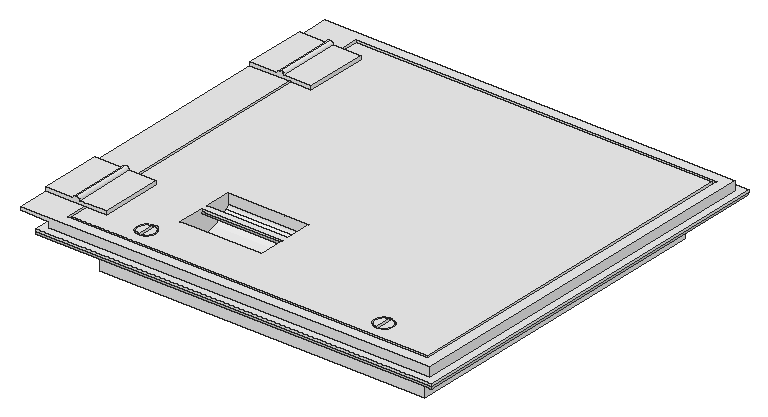
Revit family "Floor_Door-Acudor-Flush_Floodtight_Gastight-AW-APS_Series", category Specialty Equipment, host Face, Revit 2014
Parameters (values of type "AW-APS 24x24")
  Width = 24"
  URL = "http://acudor.com/"
  Standard Cam Latch = yes
  Shipping Weight = 75 lbf
  Product URL = "https://www.acudor.com/products/floor-doors/aw-aps"
  Product Documentation Link = "https://www.acudor.com/images/acudor/accessdoors/floor/AW-APS/AW-APS_PS.pdf"
  Model = "AW-APS 24x24"
  Material = "Aluminum-Acudor-Satin"  # constant formula
  Manufacturer = "Acudor"
  Length = 3 3/4"  # constant formula
  Label = "Access Door"
  Installation Type = "Floor"
  Height = 24"
  Finish = Aluminum-Acudor-Satin
  Description = "Floodtight/Gastight Floor Door"  # constant formula
  Default Elevation = 0"
  Assembly Code = "C1020700"
Types (8): name | Width | Shipping Weight | Model | Height | Default Elevation
  AW-APS 24x24 | 24" | 75 lbf | "AW-APS 24x24" | 24" | 0"
  AW-APS 24x36 | 24" | 100 lbf | "AW-APS 24x36" | 36" | 48"
  AW-APS 30x30 | 30" | 105 lbf | "AW-APS 30x30" | 30" | 48"
  AW-APS 30x36 | 30" | 115 lbf | "AW-APS 30x36" | 36" | 48"
  AW-APS 36x36 | 36" | 130 lbf | "AW-APS 36x36" | 36" | 48"
  AW-APS 36x48 | 36" | 155 lbf | "AW-APS 36x48" | 48" | 48"
  AW-APS 24x30 | 24" | 90 lbf | "AW-APS 24x30" | 30" | 48"
  AW-APS 30x48 | 30" | 140 lbf | "AW-APS 30x48" | 48" | 48"
Reference planes (in)
  plane 1 "Center (Front/Back)": y = 0
  plane 2: z = 0
  plane 3 "Center (Left/Right)": x = 0
  plane 4: z = -3.75
  plane 5: x = 14
  plane 6: x = -14
  plane 7: x = -12
  plane 8: y = 12
  plane 9: y = -12
  plane 10: x = 12
  plane 11: y = 15
  plane 12: y = -15
  plane 13: x = -15
  plane 14: x = 15
  plane 15: x = -16.625
  plane 16: x = -14.3125
  plane 17: x = -9
  plane 18: x = 9
Forms (in)
  Sweep 1, solid, material "Aluminum-Acudor-Satin" <- "Finish"
    path origin (0, 0, 0) x (1, 0, 0) y (0, 1, 0)
      loop
        line (-12, 12) -> (-12, -12) -> (12, -12) -> (12, 12) -> (-12, 12)
    profile origin (0, 12, 0) x (0, 1, 0) y (0, 0, 1)
      loop
        line (2.4387752, 0) -> (1.6623767, 0) -> (1.6623767, -0.6614448) -> (1.2945553, -0.6614448) -> (1.2945553, -0.25) -> (1.4711096, -0.25) -> (1.4711096, 0) -> (-8.9431173, 0) -> (-8.9431173, -3.75) -> (0.3068827, -3.75) -> (0.3068827, -1.1614448) -> (2.75, -1.1614448)
        arc (2.75, -1.1614448) -> (2.9267767, -1.0882215) -> (3, -0.9114448) r 0.25
        line (3, -0.9114448) -> (3, -0.6614448) -> (2.4387752, -0.6614448) -> (2.4387752, 0)
  Extrusion 2, solid, material "Aluminum-Acudor-Satin" <- "Finish"
    sketch origin (0, 0, 0) x (1, 0, 0) y (0, 1, 0)
      loop
        line (-3.0568827, 3.0568827) -> (-3.0568827, -3.0568827) -> (3.0568827, -3.0568827) -> (3.0568827, 3.0568827) -> (-3.0568827, 3.0568827)
    from -3.75 to 0
  Extrusion 3, void
    sketch origin (0, -3, 0) x (0, 1, 0) y (0, 0, 1)
      loop
        line (-2.4952253, 0.4297461) -> (-4.5064987, 0.4297461) -> (-4.5064987, -0.1449122)
        arc (-4.5064987, -0.1449122) -> (-4.74478, -0.3831935) -> (-4.9830612, -0.1449122) r 0.2382813
        line (-4.9830612, -0.1449122) -> (-4.9830612, 0.4297461) -> (-6.9943346, 0.4297461) -> (-6.9943346, -0.730955)
        arc (-6.9943346, -0.730955) -> (-6.9563921, -0.8993929) -> (-6.8498937, -1.0352939) r 0.3928432
        arc (-6.8498937, -1.0352939) -> (-4.74478, -1.7853347) -> (-2.6396663, -1.0352939) r 3.3291954
        arc (-2.6396663, -1.0352939) -> (-2.5331679, -0.8993929) -> (-2.4952253, -0.730955) r 0.3928432
        line (-2.4952253, -0.730955) -> (-2.4952253, 0.4297461)
    from -8.0568827 to -1.8762353
  Extrusion 4, void
    sketch origin (0, 0, 0) x (1, 0, 0) y (0, 1, 0)
      loop
        line (-16.625, 14.4387752) -> (-16.625, -14.4387752) -> (14.4387752, -14.4387752) -> (14.4387752, 14.4387752) -> (-16.625, 14.4387752)
    from -1.1614448 to 0
  Extrusion 5, solid, material "Aluminum-Acudor-Satin" <- "Finish"
    sketch origin (0, 0, 0) x (1, 0, 0) y (0, 1, 0)
      loop
        line (-14.4387752, -14.4387752) -> (-14.4387752, 14.4387752) -> (-16.625, 14.4387752) -> (-16.625, -14.4387752) -> (-14.4387752, -14.4387752)
    from -0.25 to 0
  Extrusion 6, solid, material "Aluminum-Acudor-Satin" <- "Finish"
    sketch origin (0, 0, 0) x (1, 0, 0) y (0, 0, 1)
      loop
        line (-16.625, 0) -> (-12, 0) -> (-12, 0.25) -> (-14.0742523, 0.25)
        arc (-14.0742523, 0.25) -> (-14.1440334, 0.4184666) -> (-14.3125, 0.4882477) r 0.2382477
        arc (-14.3125, 0.4882477) -> (-14.4809666, 0.4184666) -> (-14.5507477, 0.25) r 0.2382477
        line (-14.5507477, 0.25) -> (-16.625, 0.25) -> (-16.625, 0)
    from -12 to -7.346252
  Extrusion 7, solid, material "Aluminum-Acudor-Satin" <- "Finish"
    sketch origin (0, 0, 0) x (1, 0, 0) y (0, 0, -1)
      loop
        line (-16.625, 0) -> (-16.625, -0.25) -> (-14.5507477, -0.25)
        arc (-14.5507477, -0.25) -> (-14.4809666, -0.4184666) -> (-14.3125, -0.4882477) r 0.2382477
        arc (-14.3125, -0.4882477) -> (-14.1440334, -0.4184666) -> (-14.0742523, -0.25) r 0.2382477
        line (-14.0742523, -0.25) -> (-12, -0.25) -> (-12, 0) -> (-16.625, 0)
    from -12 to -7.346252
  Extrusion 8, void
    sketch origin (0, 0, 0) x (1, 0, 0) y (0, 1, 0)
      loop
        circle (-9, -12) r 0.75
      loop
        circle (9, -12) r 0.75
      loop
        circle (-9, -12) r 0.6241398
      loop
        circle (9, -12) r 0.625
    from -0.25 to 0
  Extrusion 9, void
    sketch origin (0, 0, 0) x (1, 0, 0) y (0, 1, 0)
      loop
        line (-9.1076892, -11.3136878) -> (-9.1076892, -12.6863122) -> (-8.8923108, -12.6863122) -> (-8.8923108, -11.3136878) -> (-9.1076892, -11.3136878)
      loop
        line (9.1076892, -11.3136878) -> (8.8923108, -11.3136878) -> (8.8923108, -12.6863122) -> (9.1076892, -12.6863122) -> (9.1076892, -11.3136878)
    from -0.25 to 0
  Extrusion 10, void
    sketch origin (0, 0, 0) x (1, 0, 0) y (0, 1, 0)
      loop
        line (-16.625, 14.4387752) -> (-16.625, -14.4387752) -> (14.4387752, -14.4387752) -> (14.4387752, 14.4387752) -> (-16.625, 14.4387752)
    from -3.75 to 0.25
Cuts and joins
  Extrusion 3, Extrusion 8, Extrusion 9 cuts Sweep 1
  Extrusion 3, Extrusion 8, Extrusion 9 cuts Extrusion 2
  Extrusion 8, Extrusion 9 cuts Extrusion 5
  Extrusion 8, Extrusion 9 cuts Extrusion 6
  joined: Sweep 1, Extrusion 2, Extrusion 5, Extrusion 6
Lines and regions (in)
  Masking region 1
    outline origin (0, 0, 0) x (1, 0, 0) y (0, 1, 0)
      loop
        line (-15, 14.4387752) -> (-16.625, 14.4387752) -> (-16.625, -14.4387752) -> (-15, -14.4387752) -> (-15, -15) -> (15, -15) -> (15, 15) -> (-15, 15) -> (-15, 14.4387752)
  symbolic lines
    curve 1: line (-15, 14.4387752, 0) -> (14.4387752, 14.4387752, 0)
    curve 2: line (14.4387752, 14.4387752, 0) -> (14.4387752, -14.4387752, 0)
    curve 3: line (14.4387752, -14.4387752, 0) -> (-15, -14.4387752, 0)
    curve 4: line (-16.625, -7.346252, 0) -> (-12, -7.346252, 0)
    curve 5: line (-12, -7.346252, 0) -> (-12, -12, 0)
    curve 6: line (-12, -12, 0) -> (-16.625, -12, 0)
    curve 7: line (-14.5507477, -7.346252, 0) -> (-14.5507477, -12, 0)
    curve 8: line (-14.0742523, -12, 0) -> (-14.0742523, -7.346252, 0)
    curve 9: line (-8.0568827, -5.4952253, 0) -> (-1.8762353, -5.4952253, 0)
    curve 10: line (-8.0568827, -9.9943346, 0) -> (-8.0568827, -5.4952253, 0)
    curve 11: line (-1.8762353, -9.9943346, 0) -> (-8.0568827, -9.9943346, 0)
    curve 12: line (-1.8762353, -5.4952253, 0) -> (-1.8762353, -9.9943346, 0)
    curve 13: line (-8.0568827, -7.5064987, 0) -> (-1.8762353, -7.5064987, 0)
    curve 14: line (-8.0568827, -7.9830612, 0) -> (-1.8762353, -7.9830612, 0)
    curve 15: line (-13.6623767, 12, 0) -> (-13.6623767, 13.6623767, 0)
    curve 16: line (-13.6623767, 13.6623767, 0) -> (13.6623767, 13.6623767, 0)
    curve 17: line (13.6623767, 13.6623767, 0) -> (13.6623767, -13.6623767, 0)
    curve 18: line (13.6623767, -13.6623767, 0) -> (-13.6623767, -13.6623767, 0)
    curve 19: line (-13.6623767, -13.6623767, 0) -> (-13.6623767, -12, 0)
    curve 20: line (-13.4711096, -12, 0) -> (-13.4711096, -13.4711096, 0)
    curve 21: line (-13.4711096, -13.4711096, 0) -> (13.4711096, -13.4711096, 0)
    curve 22: line (13.4711096, -13.4711096, 0) -> (13.4711096, 13.4711096, 0)
    curve 23: line (13.4711096, 13.4711096, 0) -> (-13.4711096, 13.4711096, 0)
    curve 24: line (-13.4711096, 13.4711096, 0) -> (-13.4711096, 12, 0)
    curve 25: line (-16.625, 12, 0) -> (-12, 12, 0)
    curve 26: line (-12, 12, 0) -> (-12, 7.346252, 0)
    curve 27: line (-12, 7.346252, 0) -> (-16.625, 7.346252, 0)
    curve 28: line (-14.5507477, 12, 0) -> (-14.5507477, 7.346252, 0)
    curve 29: line (-14.0742523, 12, 0) -> (-14.0742523, 7.346252, 0)
    curve 30: circle (-9, -12, 0) r 0.75 normal (0, 0, 1)
    curve 31: circle (9, -12, 0) r 0.75 normal (0, 0, 1)
    curve 32: line (9.1076892, -11.3843475, 0) -> (9.1076892, -12.6156525, 0)
    curve 33: arc (9.1076892, -12.6156525, 0) -> (9.4785032, -12.4020692, 0) -> (9.625, -12, 0) r 0.625
    curve 34: arc (9.625, -12, 0) -> (9.4785032, -11.5979308, 0) -> (9.1076892, -11.3843475, 0) r 0.625
    curve 35: line (8.8923108, -12.6156525, 0) -> (8.8923108, -11.3843475, 0)
    curve 36: arc (8.8923108, -11.3843475, 0) -> (8.5214968, -11.5979308, 0) -> (8.375, -12, 0) r 0.625
    curve 37: arc (8.375, -12, 0) -> (8.5214968, -12.4020692, 0) -> (8.8923108, -12.6156525, 0) r 0.625
    curve 38: arc (-8.3758602, -12, 0) -> (-8.5221069, -11.5985418, 0) -> (-8.8923108, -11.3852208, 0) r 0.6241398
    curve 39: line (-8.8923108, -11.3852208, 0) -> (-8.8923108, -12.6147792, 0)
    curve 40: arc (-8.8923108, -12.6147792, 0) -> (-8.5221069, -12.4014582, 0) -> (-8.3758602, -12, 0) r 0.6241398
    curve 41: line (-9.1076892, -12.6147792, 0) -> (-9.1076892, -11.3852208, 0)
    curve 42: arc (-9.1076892, -11.3852208, 0) -> (-9.4778931, -11.5985418, 0) -> (-9.6241398, -12, 0) r 0.6241398
    curve 43: arc (-9.6241398, -12, 0) -> (-9.4778931, -12.4014582, 0) -> (-9.1076892, -12.6147792, 0) r 0.6241398
    curve 44: line (-13.6623767, 7.346252, 0) -> (-13.6623767, -7.346252, 0)
    curve 45: line (-13.4711096, -7.346252, 0) -> (-13.4711096, 7.346252, 0)
    curve 46: line (-14.4387752, 14.4387752, 0) -> (-14.4387752, 12, 0)
    curve 47: line (-14.4387752, 7.346252, 0) -> (-14.4387752, -7.346252, 0)
    curve 48: line (-14.4387752, -12, 0) -> (-14.4387752, -14.4387752, 0)
Dimensions and locks (in)
  equal spacing: plane 7, plane 3 "Center (Left/Right)", plane 10
  "Width": plane 7 to plane 10
  equal spacing: plane 8, plane 1 "Center (Front/Back)", plane 9
  "Height": plane 8 to plane 9
  locked: plane 12 to plane 9 at 3
  locked: plane 11 to plane 8 at 3
  locked: plane 13 to plane 7 at 3
  locked: plane 10 to plane 14 at 3
  "Length": plane 4 to level
  locked: profile plane to Sweep 1 sketch curve at 0.6614448
  locked: Sweep 1 sketch curve to Sweep 1 sketch curve at 0.5
  locked: plane 11 to Sweep 1 sketch curve at 0.5612248
  locked: Sweep 1 sketch curve to Sweep 1 sketch curve at 0.7763985
  locked: Sweep 1 sketch curve to profile plane at 0.25
  locked: Sweep 1 sketch curve to Sweep 1 sketch curve at 0.3678213
  locked: Sweep 1 sketch curve to Sweep 1 sketch curve at 0.1912671
  locked: Sweep 1 sketch curve to plane 8 at 0.3068827
  locked: plane 8 to Sweep 1 sketch curve at 8.9431173
  locked: plane 15 to plane 7 at 4.625
  equal spacing: plane 7, plane 16, plane 15
  equal spacing: Extrusion 6 sketch curve, plane 16, Extrusion 6 sketch curve
  locked: Extrusion 6 sketch curve to Extrusion 6 sketch curve at 0.4764954
  locked: plane 8 to Extrusion 6 at 4.653748
  locked: plane 9 to Extrusion 7 at 4.653748
  equal spacing: Extrusion 7 sketch curve, plane 16, Extrusion 7 sketch curve
  locked: Extrusion 7 sketch curve to Extrusion 7 sketch curve at 0.4764954
  locked: level to Extrusion 6 sketch curve at 0.25
  locked: plane 7 to plane 17 at 3
  locked: plane 18 to plane 10 at 3
  equal spacing: Extrusion 9 sketch curve, plane 17, Extrusion 9 sketch curve
  locked: Extrusion 9 sketch curve to Extrusion 9 sketch curve at 0.2153783  (x2)
  equal spacing: Extrusion 9 sketch curve, plane 9, Extrusion 9 sketch curve  (x2)
  locked: Extrusion 9 sketch curve to Extrusion 9 sketch curve at 1.3726243  (x2)
  equal spacing: Extrusion 9 sketch curve, plane 18, Extrusion 9 sketch curve
  radius of Extrusion 3 sketch curve = 0.39284"  (x2)
  diameter of Extrusion 8 sketch curve = 1 1/2"  (x2)
  diameter of Extrusion 8 sketch curve = 1.24828"
  diameter of Extrusion 8 sketch curve = 1 1/4"
  aligned and locked: plane 2 to host face
  aligned and locked: level to host face
  aligned and locked: Sweep 1 sketch curve to plane 8
  aligned and locked: plane 7 to Sweep 1 sketch curve
  aligned and locked: Sweep 1 sketch curve to plane 9
  aligned and locked: plane 10 to Sweep 1 sketch curve
  aligned and locked: profile plane to Sweep 1 sketch curve  (x2)
  aligned and locked: plane 4 to Sweep 1 sketch curve
  aligned and locked: plane 11 to Sweep 1 sketch curve  (x2)
  aligned and locked: Sweep 1 sketch curve to Sweep 1 sketch curve
  aligned and locked: Extrusion 2 sketch curve to Sweep 1  (x4)
  aligned and locked: plane 4 to Extrusion 2
  aligned and locked: level to Extrusion 2
  aligned and locked: Extrusion 4 sketch curve to cut or joined group of Sweep 1, Extrusion 2, Extrusion 3, Extrusion 5, Extrusion 6, Extrusion 8, Extrusion 9  (x3)
  aligned and locked: cut or joined group of Sweep 1, Extrusion 2, Extrusion 3, Extrusion 5, Extrusion 6, Extrusion 8, Extrusion 9 to Extrusion 4
  aligned and locked: level to Extrusion 4
  aligned and locked: Extrusion 5 sketch curve to plane 15
  aligned and locked: Extrusion 5 sketch curve to cut or joined group of Sweep 1, Extrusion 2, Extrusion 3, Extrusion 5, Extrusion 6, Extrusion 8, Extrusion 9  (x3)
  aligned and locked: Extrusion 4 sketch curve to plane 15
  aligned and locked: Extrusion 5 to cut or joined group of Sweep 1, Extrusion 2, Extrusion 3, Extrusion 5, Extrusion 6, Extrusion 8, Extrusion 9
  aligned and locked: level to Extrusion 5
  aligned and locked: plane 16 to Extrusion 6 sketch curve
  aligned and locked: Extrusion 6 sketch curve to plane 15
  aligned and locked: Extrusion 6 sketch curve to plane 7
  aligned and locked: level to Extrusion 6 sketch curve
  aligned and locked: plane 8 to Extrusion 6
  aligned and locked: plane 9 to Extrusion 7
  aligned and locked: Extrusion 7 to cut or joined group of Sweep 1, Extrusion 2, Extrusion 3, Extrusion 5, Extrusion 6, Extrusion 8, Extrusion 9  (x2)
  aligned and locked: cut or joined group of Sweep 1, Extrusion 2, Extrusion 3, Extrusion 5, Extrusion 6, Extrusion 8, Extrusion 9 to Extrusion 7
  aligned and locked: plane 16 to Extrusion 7 sketch curve
  aligned and locked: Extrusion 7 sketch curve to Extrusion 7 sketch curve
  aligned and locked: plane 17 to Extrusion 8 sketch curve  (x2)
  aligned and locked: plane 18 to Extrusion 8 sketch curve  (x2)
  aligned and locked: plane 9 to Extrusion 8 sketch curve  (x4)
  aligned and locked: Sweep 1 to Extrusion 8
  aligned and locked: host face to Extrusion 8
  aligned and locked: Sweep 1 to Extrusion 9
  aligned and locked: host face to Extrusion 9
  aligned and locked: Extrusion 10 sketch curve to cut or joined group of Sweep 1, Extrusion 2, Extrusion 3, Extrusion 5, Extrusion 6, Extrusion 8, Extrusion 9  (x4)
  aligned and locked: Extrusion 10 to cut or joined group of Sweep 1, Extrusion 2, Extrusion 3, Extrusion 5, Extrusion 6, Extrusion 8, Extrusion 9  (x2)
  aligned and locked: Masking region 1 sketch curve to cut or joined group of Sweep 1, Extrusion 2, Extrusion 3, Extrusion 5, Extrusion 6, Extrusion 8, Extrusion 9  (x7)
  aligned and locked: cut or joined group of Sweep 1, Extrusion 2, Extrusion 3, Extrusion 5, Extrusion 6, Extrusion 8, Extrusion 9 to Masking region 1 sketch curve
  aligned and locked: curve 9 to cut or joined group of Sweep 1, Extrusion 2, Extrusion 3, Extrusion 5, Extrusion 6, Extrusion 8, Extrusion 9
  aligned and locked: curve 10 to cut or joined group of Sweep 1, Extrusion 2, Extrusion 3, Extrusion 5, Extrusion 6, Extrusion 8, Extrusion 9
  aligned and locked: curve 11 to cut or joined group of Sweep 1, Extrusion 2, Extrusion 3, Extrusion 5, Extrusion 6, Extrusion 8, Extrusion 9
  aligned and locked: curve 12 to cut or joined group of Sweep 1, Extrusion 2, Extrusion 3, Extrusion 5, Extrusion 6, Extrusion 8, Extrusion 9
  aligned and locked: curve 13 to cut or joined group of Sweep 1, Extrusion 2, Extrusion 3, Extrusion 5, Extrusion 6, Extrusion 8, Extrusion 9
  aligned and locked: curve 10 to curve 14
  aligned and locked: curve 14 to cut or joined group of Sweep 1, Extrusion 2, Extrusion 3, Extrusion 5, Extrusion 6, Extrusion 8, Extrusion 9
  aligned and locked: curve 32 to cut or joined group of Sweep 1, Extrusion 2, Extrusion 3, Extrusion 5, Extrusion 6, Extrusion 8, Extrusion 9
  aligned and locked: curve 33 to cut or joined group of Sweep 1, Extrusion 2, Extrusion 3, Extrusion 5, Extrusion 6, Extrusion 8, Extrusion 9
  aligned and locked: curve 34 to cut or joined group of Sweep 1, Extrusion 2, Extrusion 3, Extrusion 5, Extrusion 6, Extrusion 8, Extrusion 9
  aligned and locked: curve 35 to cut or joined group of Sweep 1, Extrusion 2, Extrusion 3, Extrusion 5, Extrusion 6, Extrusion 8, Extrusion 9
  aligned and locked: curve 36 to cut or joined group of Sweep 1, Extrusion 2, Extrusion 3, Extrusion 5, Extrusion 6, Extrusion 8, Extrusion 9
  aligned and locked: curve 37 to cut or joined group of Sweep 1, Extrusion 2, Extrusion 3, Extrusion 5, Extrusion 6, Extrusion 8, Extrusion 9
  aligned and locked: curve 38 to cut or joined group of Sweep 1, Extrusion 2, Extrusion 3, Extrusion 5, Extrusion 6, Extrusion 8, Extrusion 9
  aligned and locked: curve 39 to cut or joined group of Sweep 1, Extrusion 2, Extrusion 3, Extrusion 5, Extrusion 6, Extrusion 8, Extrusion 9
  aligned and locked: curve 40 to cut or joined group of Sweep 1, Extrusion 2, Extrusion 3, Extrusion 5, Extrusion 6, Extrusion 8, Extrusion 9
  aligned and locked: curve 41 to cut or joined group of Sweep 1, Extrusion 2, Extrusion 3, Extrusion 5, Extrusion 6, Extrusion 8, Extrusion 9
  aligned and locked: curve 42 to cut or joined group of Sweep 1, Extrusion 2, Extrusion 3, Extrusion 5, Extrusion 6, Extrusion 8, Extrusion 9
  aligned and locked: curve 43 to cut or joined group of Sweep 1, Extrusion 2, Extrusion 3, Extrusion 5, Extrusion 6, Extrusion 8, Extrusion 9
  aligned and locked: curve 30 to cut or joined group of Sweep 1, Extrusion 2, Extrusion 3, Extrusion 5, Extrusion 6, Extrusion 8, Extrusion 9
  aligned and locked: curve 31 to cut or joined group of Sweep 1, Extrusion 2, Extrusion 3, Extrusion 5, Extrusion 6, Extrusion 8, Extrusion 9
  aligned and locked: cut or joined group of Sweep 1, Extrusion 2, Extrusion 3, Extrusion 5, Extrusion 6, Extrusion 8, Extrusion 9 to curve 48  (x2)
  aligned and locked: Extrusion 7 to curve 48
  aligned and locked: curve 8 to Extrusion 7
  aligned and locked: curve 7 to Extrusion 7
  aligned and locked: Extrusion 7 to curve 7
  aligned and locked: Extrusion 7 to curve 8  (x2)
  aligned and locked: curve 29 to cut or joined group of Sweep 1, Extrusion 2, Extrusion 3, Extrusion 5, Extrusion 6, Extrusion 8, Extrusion 9
  aligned and locked: curve 28 to cut or joined group of Sweep 1, Extrusion 2, Extrusion 3, Extrusion 5, Extrusion 6, Extrusion 8, Extrusion 9
  aligned and locked: cut or joined group of Sweep 1, Extrusion 2, Extrusion 3, Extrusion 5, Extrusion 6, Extrusion 8, Extrusion 9 to curve 46
  aligned and locked: cut or joined group of Sweep 1, Extrusion 2, Extrusion 3, Extrusion 5, Extrusion 6, Extrusion 8, Extrusion 9 to curve 47
  aligned and locked: cut or joined group of Sweep 1, Extrusion 2, Extrusion 3, Extrusion 5, Extrusion 6, Extrusion 8, Extrusion 9 to curve 45
  aligned and locked: cut or joined group of Sweep 1, Extrusion 2, Extrusion 3, Extrusion 5, Extrusion 6, Extrusion 8, Extrusion 9 to curve 44
  aligned and locked: cut or joined group of Sweep 1, Extrusion 2, Extrusion 3, Extrusion 5, Extrusion 6, Extrusion 8, Extrusion 9 to curve 28
  aligned and locked: curve 1 to curve 46
  aligned and locked: curve 46 to cut or joined group of Sweep 1, Extrusion 2, Extrusion 3, Extrusion 5, Extrusion 6, Extrusion 8, Extrusion 9
  aligned and locked: cut or joined group of Sweep 1, Extrusion 2, Extrusion 3, Extrusion 5, Extrusion 6, Extrusion 8, Extrusion 9 to curve 15
  aligned and locked: curve 16 to cut or joined group of Sweep 1, Extrusion 2, Extrusion 3, Extrusion 5, Extrusion 6, Extrusion 8, Extrusion 9
  aligned and locked: cut or joined group of Sweep 1, Extrusion 2, Extrusion 3, Extrusion 5, Extrusion 6, Extrusion 8, Extrusion 9 to curve 23
  aligned and locked: curve 24 to cut or joined group of Sweep 1, Extrusion 2, Extrusion 3, Extrusion 5, Extrusion 6, Extrusion 8, Extrusion 9
  aligned and locked: curve 44 to cut or joined group of Sweep 1, Extrusion 2, Extrusion 3, Extrusion 5, Extrusion 6, Extrusion 8, Extrusion 9
  aligned and locked: curve 45 to cut or joined group of Sweep 1, Extrusion 2, Extrusion 3, Extrusion 5, Extrusion 6, Extrusion 8, Extrusion 9
  aligned and locked: cut or joined group of Sweep 1, Extrusion 2, Extrusion 3, Extrusion 5, Extrusion 6, Extrusion 8, Extrusion 9 to curve 19
  aligned and locked: cut or joined group of Sweep 1, Extrusion 2, Extrusion 3, Extrusion 5, Extrusion 6, Extrusion 8, Extrusion 9 to curve 20
  aligned and locked: cut or joined group of Sweep 1, Extrusion 2, Extrusion 3, Extrusion 5, Extrusion 6, Extrusion 8, Extrusion 9 to curve 18
  aligned and locked: curve 21 to cut or joined group of Sweep 1, Extrusion 2, Extrusion 3, Extrusion 5, Extrusion 6, Extrusion 8, Extrusion 9
  aligned and locked: curve 17 to cut or joined group of Sweep 1, Extrusion 2, Extrusion 3, Extrusion 5, Extrusion 6, Extrusion 8, Extrusion 9
  aligned and locked: curve 22 to cut or joined group of Sweep 1, Extrusion 2, Extrusion 3, Extrusion 5, Extrusion 6, Extrusion 8, Extrusion 9
Automatic sketch dimensions
  host sketch curve to host sketch curve = 96"  (x2)
  Sweep 1 sketch curve to Sweep 1 sketch curve = 1/4"
  level to Extrusion 3 sketch curve = 0.42975"  (x2)
  Extrusion 3 sketch curve to plane 9 = 2.00567"
  Extrusion 3 sketch curve to Extrusion 3 sketch curve = 1.61843"  (x2)
  Extrusion 3 sketch curve to Extrusion 3 sketch curve = 61/256"  (x2)
  Extrusion 3 sketch curve to level = 0.14491"
  Extrusion 3 sketch curve to level = 0.73096"  (x2)
  Extrusion 3 sketch curve to Extrusion 3 sketch curve = 1.11411"
  Extrusion 3 sketch curve to Extrusion 3 sketch curve = 0"
  Extrusion 7 sketch curve to level = 0"
  plane 15 to Extrusion 7 sketch curve = 0"
  plane 7 to Extrusion 7 sketch curve = 0"
  Extrusion 7 sketch curve to Extrusion 7 sketch curve = 0"
  level to Extrusion 7 sketch curve = 1/4"
  curve 6 to plane 15 = 0"
  curve 27 to plane 15 = 0"
  curve 4 to plane 15 = 0"
  curve 25 to plane 15 = 0"
  curve 1 to plane 13 = 0"
  curve 3 to plane 13 = 0"
  curve 4 to plane 7 = 0"
  curve 25 to plane 7 = 0"
  plane 5 to curve 2 = 0.43878"
  curve 2 to plane 11 = 0.56122"
